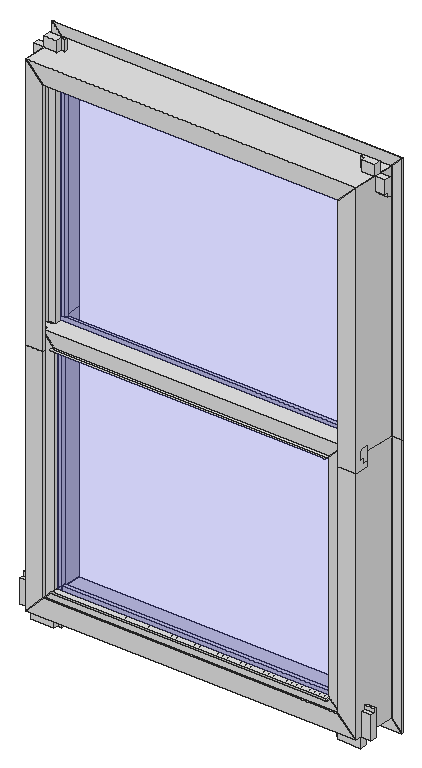
Revit family "591_SH_1-DBS_nailfin", category Windows, host Wall, Revit 2019
Family settings
  Host = Wall
  OmniClass Number = 23.30.20.00
  OmniClass Title = Windows
  Always vertical = Yes
  Cut with Voids When Loaded = No
  Shared = No
  Room Calculation Point = No
Parameters (values of type "36x54")
  MLW = 1 / 8 * Width  # 4 1/2"
  Interior Color [instance] = White
  Height = 54"
  Exterior Color [instance] = White
  Default Sill Height = 31.49606"
  Wall Closure = By host
  Width = 36"
  Bar Set = 27"
Types (51): name | MLW | Height | Width | Bar Set
  (no name) | 4 1/2" | 54" | 36" | 27"
  24x48 | 3" | 48" | 24" | 24"
  36x60 | 4 1/2" | 60" | 36" | 30"
  12x24Min | 1 1/2" | 24" | 12" | 12"
  48x84Max | 6" | 84" | 48" | 36"
  12x30 | 1 1/2" | 30" | 12" | 15"
  12x36 | 1 1/2" | 36" | 12" | 18"
  12x42 | 1 1/2" | 42" | 12" | 21"
  18x24 | 2 1/4" | 24" | 18" | 12"
  18x30 | 2 1/4" | 30" | 18" | 15"
  18x36 | 2 1/4" | 36" | 18" | 18"
  18x42 | 2 1/4" | 42" | 18" | 21"
  18x48 | 2 1/4" | 48" | 18" | 24"
  18x54 | 2 1/4" | 54" | 18" | 27"
  24x30 | 3" | 30" | 24" | 15"
  24x36 | 3" | 36" | 24" | 18"
  24x42 | 3" | 42" | 24" | 21"
  24x54 | 3" | 54" | 24" | 27"
  24x60 | 3" | 60" | 24" | 30"
  24x66 | 3" | 66" | 24" | 33"
  30x30 | 3 3/4" | 30" | 30" | 15"
  30x36 | 3 3/4" | 36" | 30" | 18"
  30x42 | 3 3/4" | 42" | 30" | 21"
  30x48 | 3 3/4" | 48" | 30" | 24"
  30x54 | 3 3/4" | 54" | 30" | 27"
  30x60 | 3 3/4" | 60" | 30" | 30"
  30x66 | 3 3/4" | 66" | 30" | 33"
  30x72 | 3 3/4" | 72" | 30" | 36"
  36x36 | 4 1/2" | 36" | 36" | 18"
  36x42 | 4 1/2" | 42" | 36" | 21"
  36x48 | 4 1/2" | 48" | 36" | 24"
  36x54 | 4 1/2" | 54" | 36" | 27"
  36x66 | 4 1/2" | 66" | 36" | 33"
  36x72 | 4 1/2" | 72" | 36" | 36"
  36x78 | 4 1/2" | 78" | 36" | 36"
  42x36 | 5 1/4" | 36" | 42" | 18"
  42x42 | 5 1/4" | 42" | 42" | 21"
  42x48 | 5 1/4" | 48" | 42" | 24"
  42x54 | 5 1/4" | 54" | 42" | 27"
  42x60 | 5 1/4" | 60" | 42" | 30"
  42x66 | 5 1/4" | 66" | 42" | 33"
  42x72 | 5 1/4" | 72" | 42" | 36"
  42x78 | 5 1/4" | 78" | 42" | 36"
  42x84 | 5 1/4" | 84" | 42" | 36"
  48x42 | 6" | 42" | 48" | 21"
  48x48 | 6" | 48" | 48" | 24"
  48x54 | 6" | 54" | 48" | 27"
  48x60 | 6" | 60" | 48" | 30"
  48x66 | 6" | 66" | 48" | 33"
  48x72 | 6" | 72" | 48" | 36"
  48x78 | 6" | 78" | 48" | 36"
Reference planes (in)
  plane 1 "Center (Front/Back)": y = 0
  plane 2 "Center (Left/Right)": x = 0
  plane 3 "Left": x = -18
  plane 4 "Right": x = 18
  plane 5 "Sill": z = 31.49606
  plane 6 "Head": z = 85.49606
  plane 7 "Exterior": y = 3.93701
  plane 8 "Interior": y = -3.93701
  plane 9 "Front of wall": y = 3.93701
  plane 10 "Bar Set": z = 58.49606
  plane 11: z = 34.01956
  plane 12: z = 58.54806
  plane 13: z = 84.09581
  plane 14: x = -15.475
  plane 15: x = 15.475
  plane 16: x = 16.59975
  plane 17: x = -16.59975
  plane 18 "Front of glass": y = 4.93351
  plane 19: z = 59.2203
Forms (in)
  Extrusion 1, solid, material "White" <- "Interior Color"
    sketch origin (0, 0, 0) x (0, -1, 0) y (0, 0, 1)
      loop
        line (-3.93701, 31.49606) -> (0.98299, 31.49606) -> (0.98299, 33.39606) -> (0.78299, 33.39606) -> (0.78299, 34.45056) -> (1.15844, 34.45056)
        arc (1.15844, 34.45056) -> (1.26726, 34.41661) -> (1.22049, 34.52056) r 0.0625
        line (1.22049, 34.52056) -> (0.54049, 34.52056) -> (0.54049, 34.02056) -> (-0.20351, 34.02056) -> (-0.20351, 34.45856) -> (-0.61701, 34.45856) -> (-0.61701, 33.39606) -> (-1.30701, 33.39606) -> (-1.30701, 32.64606) -> (-1.76701, 32.64606) -> (-1.76701, 32.77106) -> (-2.50201, 32.77106) -> (-5.01701, 32.50653) -> (-5.01701, 31.49606) -> (-4.01701, 31.49606) -> (-4.01701, 30.37106) -> (-3.93701, 30.37106) -> (-3.93701, 31.49606)
    from -19.125 to 19.125
  Extrusion 2, solid, material "White" <- "Interior Color"
    sketch origin (0, 0, 0) x (0, -1, 0) y (0, 0, 1)
      loop
        line (-1.32951, 59.54881) -> (-1.32951, 59.04731) -> (-2.07351, 59.04731) -> (-2.07351, 59.48631) -> (-2.47691, 59.48631) -> (-2.47691, 58.95404) -> (-2.48701, 58.92306) -> (-2.48701, 57.92306) -> (-1.86701, 57.92306) -> (-1.86701, 57.50806) -> (-1.76701, 57.50806) -> (-1.76701, 57.92306) -> (-1.26701, 57.92306) -> (-1.26701, 57.50806) -> (-1.16701, 57.50806) -> (-1.16701, 57.92306) -> (-0.71701, 57.92306) -> (-0.71701, 58.11006) -> (-0.20351, 58.11006) -> (-0.20351, 58.54806) -> (0.54049, 58.54806) -> (0.54049, 58.04821) -> (1.22052, 58.04821)
        arc (1.22052, 58.04821) -> (1.26755, 58.15224) -> (1.15839, 58.11881) r 0.06264
        line (1.15839, 58.11881) -> (0.78299, 58.11881) -> (0.78299, 59.54881) -> (-1.32951, 59.54881)
    from -18 to 18
  Extrusion 3, solid, material "White" <- "Interior Color"
    sketch origin (0, 0, 0) x (0, -1, 0) y (0, 0, 1)
      loop
        line (-3.93701, 85.49606) -> (-3.93701, 86.62106) -> (-4.01701, 86.62106) -> (-4.01701, 85.49606) -> (-5.01701, 85.49606) -> (-5.01701, 84.4856) -> (-2.47691, 84.21862) -> (-2.47691, 83.65831) -> (-2.07351, 83.65831) -> (-2.07351, 84.09631) -> (-1.32951, 84.09631) -> (-1.32951, 83.59606) -> (-0.71701, 83.59606) -> (-0.71701, 84.47106) -> (0.78299, 84.47106) -> (0.78299, 83.59606) -> (0.98299, 83.59606) -> (0.98299, 85.49606) -> (-3.93701, 85.49606)
    from -19.125 to 19.125
  Extrusion 4, solid, material "White" <- "Interior Color"
    sketch origin (0, 0, 31.49606) x (0, -1, 0) y (1, 0, 0)
      loop
        line (-3.93701, -18) -> (0.98299, -18) -> (0.98299, -16.1) -> (0.78299, -16.1) -> (0.78299, -14.975) -> (0.54049, -14.975) -> (0.54049, -15.475) -> (-0.20351, -15.475) -> (-0.20351, -15.037) -> (-0.61701, -15.037) -> (-0.61701, -16.1) -> (-1.30701, -16.1) -> (-1.30701, -16.84828) -> (-1.76701, -16.84828) -> (-1.76701, -16.725) -> (-2.50013, -16.725) -> (-5.01701, -16.98953) -> (-5.01701, -18) -> (-4.01701, -18) -> (-4.01701, -19.125) -> (-3.93701, -19.125) -> (-3.93701, -18)
    from -1.125 to 27.72424
  Extrusion 5, solid, material "White" <- "Interior Color"
    sketch origin (0, 0, 31.49606) x (0, -1, 0) y (1, 0, 0)
      loop
        line (-3.93701, 18) -> (-3.93701, 19.125) -> (-4.01701, 19.125) -> (-4.01701, 18) -> (-5.01701, 18) -> (-5.01701, 16.98953) -> (-2.50013, 16.725) -> (-1.76701, 16.725) -> (-1.76701, 16.84828) -> (-1.30701, 16.84828) -> (-1.30701, 16.1) -> (-0.61701, 16.1) -> (-0.61701, 15.037) -> (-0.20351, 15.037) -> (-0.20351, 15.475) -> (0.54049, 15.475) -> (0.54049, 14.975) -> (0.78299, 14.975) -> (0.78299, 16.1) -> (0.98299, 16.1) -> (0.98299, 18) -> (-3.93701, 18)
    from -1.125 to 27.72424
  Extrusion 6, solid, material "White" <- "Interior Color"
    sketch origin (0, 0, 58.49606) x (1, 0, 0) y (0, 1, 0)
      loop
        line (18, 3.93701) -> (19.125, 3.93701) -> (19.125, 4.01701) -> (18, 4.01701) -> (18, 5.01701) -> (16.98953, 5.01701) -> (16.72256, 2.47691) -> (16.16225, 2.47691) -> (16.16225, 2.07351) -> (16.60025, 2.07351) -> (16.60025, 1.32951) -> (16.1, 1.32951) -> (16.1, 0.71701) -> (16.975, 0.71701) -> (16.975, -0.78299) -> (16.1, -0.78299) -> (16.1, -0.98299) -> (18, -0.98299) -> (18, 3.93701)
    from -0.988 to 28.125
  Sweep 7, void
    path in 3D
      loop
        line (15.72325, 7.92866, 85.49606) -> (15.72325, 2.38857, 85.49606)
    profile origin (15.72325, 5.15862, 85.49606) x (1, 0, 0) y (0, 0, 1)
      loop
        line (3.90911, 1.63236) -> (1.00175, -1.275) -> (1.00175, -2.61386) -> (3.90911, -2.61386) -> (3.90911, 1.63236)
  Sweep 8, void
    path in 3D
      loop
        line (15.72325, 7.92866, 85.49606) -> (15.72325, 2.38857, 85.49606)
    profile origin (15.72325, 5.15862, 85.49606) x (1, 0, 0) y (0, 0, 1)
      loop
        line (-0.99825, 1.95558) -> (-0.99825, -1.83775) -> (0.99931, -1.83775) -> (0.99931, -1.27744) -> (4.23234, 1.95558) -> (-0.99825, 1.95558)
  Sweep 9, void
    path in 3D
      loop
        line (-14.67104, 7.27573, 85.49606) -> (-14.67104, 2.27573, 85.49606)
    profile origin (-14.67104, 4.77573, 85.49606) x (1, 0, 0) y (0, 0, 1)
      loop
        line (-5.25, 1.92104) -> (-5.25, -2.025) -> (-2.05396, -2.025) -> (-2.05396, -1.275) -> (-5.25, 1.92104)
  Sweep 10, void
    path in 3D
      loop
        line (-14.67104, 7.27573, 85.49606) -> (-14.67104, 2.27573, 85.49606)
    profile origin (-14.67104, 4.77573, 85.49606) x (1, 0, 0) y (0, 0, 1)
      loop
        line (-5.25, 1.92104) -> (-2.05152, -1.27744) -> (-2.05152, -1.83775) -> (-1.05396, -1.83775) -> (-1.05396, 1.92104) -> (-5.25, 1.92104)
  Sweep 11, void
    path in 3D
      loop
        line (-13.69408, 7.1493, 58.49606) -> (-13.69408, 0.43209, 58.49606)
    profile origin (-13.69408, 3.7907, 58.49606) x (1, 0, 0) y (0, 0, 1)
      loop
        line (-2.46767, 0.99025) -> (-2.46767, 1.41927) -> (-6.03092, 1.41927) -> (-6.03092, -1.20541) -> (-3.03092, -1.20541) -> (-3.03092, 0.99025) -> (-2.46767, 0.99025)
  Sweep 12, void
    path in 3D
      loop
        line (-13.69408, 7.1493, 58.49606) -> (-13.69408, 0.43209, 58.49606)
    profile origin (-13.69408, 3.7907, 58.49606) x (1, 0, 0) y (0, 0, 1)
      loop
        line (-0.77848, 0.99025) -> (-3.02848, 0.99025) -> (-3.02848, 0.55125) -> (-6.28092, 0.55125) -> (-6.28092, -2.07275) -> (-0.77848, -2.07275) -> (-0.77848, 0.99025)
  Sweep 13, void
    path in 3D
      loop
        line (16.22528, 10.4895, 58.49606) -> (16.22528, 0.60821, 58.49606)
    profile origin (16.22528, 5.54885, 58.49606) x (1, 0, 0) y (0, 0, 1)
      loop
        line (-0.06353, 1.66328) -> (-0.06353, 0.99025) -> (0.49972, 0.99025) -> (0.49972, -1.25473) -> (3.13381, -1.25473) -> (3.13381, 1.66328) -> (-0.06353, 1.66328)
  Sweep 14, void
    path in 3D
      loop
        line (16.22528, 10.4895, 58.49606) -> (16.22528, 0.60821, 58.49606)
    profile origin (16.22528, 5.54885, 58.49606) x (1, 0, 0) y (0, 0, 1)
      loop
        line (-1.75272, 0.99025) -> (-1.75272, -2.44875) -> (3.12332, -2.44875) -> (3.12332, 0.55125) -> (0.49728, 0.55125) -> (0.49728, 0.99025) -> (-1.75272, 0.99025)
  Sweep 15, void
    path in 3D
      loop
        line (15.97528, 7.9895, 31.49606) -> (15.97528, 0.41559, 31.49606)
    profile origin (15.97528, 4.20254, 31.49606) x (1, 0, 0) y (0, 0, 1)
      loop
        line (-1.08841, 3.11263) -> (3.66159, -1.63737) -> (3.66159, 3.11263) -> (-1.08841, 3.11263)
  Sweep 16, void
    path in 3D
      loop
        line (15.97528, 7.9895, 31.49606) -> (15.97528, 0.41559, 31.49606)
    profile origin (15.97528, 4.20254, 31.49606) x (1, 0, 0) y (0, 0, 1)
      loop
        line (3.6656, -1.64088) -> (-1.3344, 3.35912) -> (-1.3344, -1.64088) -> (3.6656, -1.64088)
  Sweep 17, void
    path in 3D
      loop
        line (-14.17104, 7.27573, 31.49606) -> (-14.17104, 0.43209, 31.49606)
    profile origin (-14.17104, 3.85391, 31.49606) x (1, 0, 0) y (0, 0, 1)
      loop
        line (-5.98731, -2.15835) -> (0.26269, -2.15835) -> (0.26269, 4.09165) -> (-5.98731, -2.15835)
  Sweep 18, void
    path in 3D
      loop
        line (-14.17104, 7.27573, 31.49606) -> (-14.17104, 0.43209, 31.49606)
    profile origin (-14.17104, 3.85391, 31.49606) x (1, 0, 0) y (0, 0, 1)
      loop
        line (-5.5, -1.67104) -> (0, 3.82896) -> (-5.5, 3.82896) -> (-5.5, -1.67104)
  Extrusion 19, void
    sketch origin (0, 3.93701, 0) x (1, 0, 0) y (0, 0, 1)
      loop
        line (-15.07462, 82.57069) -> (-19.49016, 86.98622) -> (-19.49016, 82.57069) -> (-15.07462, 82.57069)
    from 2.39987 to 12
  Extrusion 20, void
    sketch origin (0, 3.93701, 0) x (1, 0, 0) y (0, 0, 1)
      loop
        line (-20, 87.49606) -> (-15.07122, 82.56728) -> (-15.07122, 87.49606) -> (-20, 87.49606)
    from 2.39987 to 12
  Extrusion 21, void
    sketch origin (0, 3.93701, 0) x (1, 0, 0) y (0, 0, 1)
      loop
        line (15.8981, 83.39416) -> (20.25, 87.74606) -> (15.8981, 87.74606) -> (15.8981, 83.39416)
    from 2.34703 to 12
  Extrusion 22, void
    sketch origin (0, 3.93701, 0) x (1, 0, 0) y (0, 0, 1)
      loop
        line (20.25984, 87.75591) -> (15.52513, 83.02119) -> (20.25984, 83.02119) -> (20.25984, 87.75591)
    from 2.34703 to 12
  Extrusion 23, void
    sketch origin (0, 3.93701, 0) x (1, 0, 0) y (0, 0, 1)
      loop
        line (-14.975, 58.04806) -> (-14.23692, 58.04806) -> (-14.23692, 60.38306) -> (-18.24833, 60.38306) -> (-18.24833, 57.50806) -> (-16.09975, 57.50806) -> (-16.09975, 59.17281) -> (-14.975, 58.04806)
    from 4.09917 to 12
  Extrusion 24, void
    sketch origin (0, 3.93701, 0) x (1, 0, 0) y (0, 0, 1)
      loop
        line (-14.975, 57.41533) -> (-14.975, 58.04806) -> (-16.1, 59.17306) -> (-16.1, 59.91533) -> (-19.725, 59.91533) -> (-19.725, 57.41533) -> (-14.975, 57.41533)
    from 4.25036 to 12
  Extrusion 25, void
    sketch origin (0, 3.93701, 0) x (1, 0, 0) y (0, 0, 1)
      loop
        line (14.73831, 57.81137) -> (16.1, 59.17306) -> (16.1, 57.50806) -> (18.21329, 57.50806) -> (18.21329, 59.99606) -> (14.73831, 59.99606) -> (14.73831, 57.81137)
    from 4.07736 to 12
  Extrusion 26, void
    sketch origin (0, 3.93701, 0) x (1, 0, 0) y (0, 0, 1)
      loop
        line (14.975, 58.04806) -> (14.975, 57.10217) -> (19.77957, 57.10217) -> (19.77957, 60.35217) -> (16.1, 60.35217) -> (16.1, 59.17306) -> (14.975, 58.04806)
    from 4.21637 to 12
  Extrusion 27, void
    sketch origin (0, 3.93701, 0) x (1, 0, 0) y (0, 0, 1)
      loop
        line (-20, 29.49606) -> (-14.01805, 35.47801) -> (-20, 35.47801) -> (-20, 29.49606)
    from 4.25036 to 12
  Extrusion 28, void
    sketch origin (0, 3.93701, 0) x (1, 0, 0) y (0, 0, 1)
      loop
        line (-20, 29.49606) -> (-14.17104, 29.49606) -> (-14.17104, 35.32503) -> (-20, 29.49606)
    from 4.25036 to 12
  Extrusion 29, void
    sketch origin (0, 3.93701, 0) x (1, 0, 0) y (0, 0, 1)
      loop
        line (20.25, 29.24606) -> (20.25, 35.20837) -> (14.28769, 35.20837) -> (20.25, 29.24606)
    from 4.21637 to 12
  Extrusion 30, void
    sketch origin (0, 3.93701, 0) x (1, 0, 0) y (0, 0, 1)
      loop
        line (20.7495, 28.74606) -> (14.46397, 35.0316) -> (14.46397, 28.74606) -> (20.7495, 28.74606)
    from 4.21637 to 12
  Extrusion 31, solid, material "White" <- "Interior Color"
    sketch origin (0, 0, 58.49606) x (1, 0, 0) y (0, 1, 0)
      loop
        line (-18, 3.93701) -> (-18, -0.98299) -> (-16.1, -0.98299) -> (-16.1, -0.78299) -> (-16.975, -0.78299) -> (-16.975, 0.71701) -> (-16.1, 0.71701) -> (-16.1, 1.32951) -> (-16.60025, 1.32951) -> (-16.60025, 2.07351) -> (-16.16225, 2.07351) -> (-16.16225, 2.47691) -> (-16.72256, 2.47691) -> (-16.98953, 5.01701) -> (-18, 5.01701) -> (-18, 4.01701) -> (-19.125, 4.01701) -> (-19.125, 3.93701) -> (-18, 3.93701)
    from -0.988 to 28.125
  Extrusion 32, solid, material "Glass"
    sketch origin (0, 0, 0) x (0, -1, 0) y (0, 0, 1)
      loop
        line (-0.20351, 34.01956) -> (0.54049, 34.01956) -> (0.54049, 58.54806) -> (-0.20351, 58.54806) -> (-0.20351, 34.01956)
    from -15.475 to 15.475
  Extrusion 33, solid, material "Glass"
    sketch origin (0, 0, 0) x (0, -1, 0) y (0, 0, 1)
      loop
        line (-2.07351, 59.04731) -> (-1.32951, 59.04731) -> (-1.32951, 84.09581) -> (-2.07351, 84.09581) -> (-2.07351, 59.04731)
    from -16.59975 to 16.59975
  Extrusion 34, void
    sketch origin (0, 4.93351, 0) x (-1, 0, 0) y (0, 0, 1)
      loop
        line (14.04586, 60.57656) -> (14.04586, 59.04731) -> (20.29586, 59.04731) -> (20.29586, 60.57656) -> (14.04586, 60.57656)
    from -3.6265 to 12
  Extrusion 35, void
    sketch origin (0, 4.93351, 0) x (-1, 0, 0) y (0, 0, 1)
      loop
        line (-20.85445, 59.04731) -> (-14.35445, 59.04731) -> (-14.35445, 61.29731) -> (-20.85445, 61.29731) -> (-20.85445, 59.04731)
    from -2.614 to 8.05006
Cuts and joins
  Sweep 7, Sweep 9, Extrusion 19, Extrusion 22 cuts Extrusion 3
  Sweep 8, Sweep 14, Extrusion 21 cuts Extrusion 6
  Sweep 11, Sweep 13, Extrusion 24, Extrusion 26 cuts Extrusion 2
  Sweep 15, Sweep 18, Extrusion 27, Extrusion 29 cuts Extrusion 1
  Sweep 16, Extrusion 25, Extrusion 30, Extrusion 35 cuts Extrusion 5
  Sweep 17, Extrusion 23, Extrusion 28, Extrusion 34 cuts Extrusion 4
  Sweep 10, Sweep 12, Extrusion 20 cuts Extrusion 31
Lines and regions (in)
  Opening 1
    outline origin (137.79528, -3.93701, 0) x (1, 0, 0) y (0, 0, 1)
      loop
        line (-119.79528, 31.49606) -> (-119.79528, 85.49606) -> (-155.79528, 85.49606) -> (-155.79528, 31.49606) -> (-119.79528, 31.49606)
  reference lines
    curve 1: line (-14.67104, 7.27573, 85.49606) -> (-14.67104, 2.27573, 85.49606)
    curve 2: line (-14.17104, 7.27573, 31.49606) -> (-14.17104, 0.43209, 31.49606)
    curve 3: line (-13.69408, 7.1493, 58.49606) -> (-13.69408, 0.43209, 58.49606)
    curve 4: line (15.97528, 7.9895, 31.49606) -> (15.97528, 0.41559, 31.49606)
    curve 5: line (16.22528, 10.4895, 58.49606) -> (16.22528, 0.60821, 58.49606)
    curve 6: line (15.72325, 7.92866, 85.49606) -> (15.72325, 2.38857, 85.49606)
    curve 22: line (2.5, 4.93351, 74.49606) -> (-2.5, 4.93351, 74.49606)
    curve 23: line (2.5, 4.93351, 69.49606) -> (2.5, 4.93351, 74.49606)
    curve 24: line (-2.5, 4.93351, 69.49606) -> (2.5, 4.93351, 69.49606)
    curve 25: line (-2.5, 4.93351, 74.49606) -> (-2.5, 4.93351, 69.49606)
    curve 29: line (0, 4.93351, 69.49606) -> (0, 4.93351, 75.99606)
    curve 30: line (2.5, 4.93351, 71.99606) -> (2.04973, 4.93351, 71.99606)
    curve 34: line (2.5, 0, 74.49606) -> (-2.5, 0, 74.49606)
    curve 35: line (2.5, 0, 69.49606) -> (2.5, 0, 74.49606)
    curve 36: line (-2.5, 0, 69.49606) -> (2.5, 0, 69.49606)
    curve 37: line (-2.5, 0, 74.49606) -> (-2.5, 0, 69.49606)
    curve 38: line (0, 0, 69.49606) -> (0, 0, 76.99606)
    curve 39: line (2.5, 0, 71.99606) -> (-4.5, 0, 71.99606)
  sketch lines
    curve 7: line (15.72325, 7.92866, 85.49606) -> (15.72325, 2.38857, 85.49606)
    curve 8: line (15.72325, 7.92866, 85.49606) -> (15.72325, 2.38857, 85.49606)
    curve 9: line (-14.67104, 7.27573, 85.49606) -> (-14.67104, 2.27573, 85.49606)
    curve 10: line (-14.67104, 7.27573, 85.49606) -> (-14.67104, 2.27573, 85.49606)
    curve 11: line (-13.69408, 7.1493, 58.49606) -> (-13.69408, 0.43209, 58.49606)
    curve 12: line (-13.69408, 7.1493, 58.49606) -> (-13.69408, 0.43209, 58.49606)
    curve 13: line (16.22528, 10.4895, 58.49606) -> (16.22528, 0.60821, 58.49606)
    curve 14: line (16.22528, 10.4895, 58.49606) -> (16.22528, 0.60821, 58.49606)
    curve 15: line (15.97528, 7.9895, 31.49606) -> (15.97528, 0.41559, 31.49606)
    curve 16: line (15.97528, 7.9895, 31.49606) -> (15.97528, 0.41559, 31.49606)
    curve 17: line (-14.17104, 7.27573, 31.49606) -> (-14.17104, 0.43209, 31.49606)
    curve 18: line (-14.17104, 7.27573, 31.49606) -> (-14.17104, 0.43209, 31.49606)
  model lines
    curve 19: line (0, 3.93701, 34.7816) -> (0, 3.93701, 56.5316)
    curve 20: line (0, 3.93701, 56.5316) -> (3.18198, 3.93701, 53.34962)
    curve 21: line (0, 3.93701, 56.5316) -> (-3.18198, 3.93701, 53.34962)
    curve 26: line (2.5, 4.93351, 74.49606) -> (-2.5, 4.93351, 69.49606)
    curve 27: line (-2.5, 4.93351, 71.99606) -> (0, 4.93351, 74.49606)
    curve 28: line (0, 4.93351, 69.49606) -> (2.5, 4.93351, 71.99606)
  symbolic lines
    curve 31: line (0, 3.93701, 56.5316) -> (3.18198, 3.93701, 53.34962)
    curve 32: line (0, 3.93701, 56.5316) -> (-3.18198, 3.93701, 53.34962)
    curve 33: line (0, 3.93701, 56.5316) -> (0, 3.93701, 34.7816)
    curve 40: line (0, 0, 69.49606) -> (2.5, 0, 71.99606)
    curve 41: line (0, 0, 74.49606) -> (-2.5, 0, 71.99606)
    curve 42: line (-2.5, 0, 69.49606) -> (2.5, 0, 74.49606)
Text (in)
  text "EXTERIOR" at (-77.29147, 52.45485, 0), in view "Ref. Level"
  text "INTERIOR" at (-78.01048, -32.21994, 0), in view "Ref. Level"
  text "Exterior" at (0, 36.36817, 115.8778), in view "Right"
  text "Exterior" at (0, 40.96394, 105.72475), in view "Left"
Dimensions and locks (in)
  equal spacing: plane 3 "Left", plane 2 "Center (Left/Right)", plane 4 "Right"
  "Width": plane 3 "Left" to plane 4 "Right"
  "Height": plane 5 "Sill" to plane 6 "Head"
  "Default Sill Height": plane 5 "Sill" to level
  locked: plane 7 "Exterior" to host wall at 0
  locked: plane 8 "Interior" to host wall
  locked: plane 5 "Sill" to plane 11 at 2.5235
  locked: plane 12 to plane 10 "Bar Set" at 0.052
  locked: Extrusion 2 sketch curve to Extrusion 2 sketch curve at 1.43
  locked: plane 13 to plane 6 "Head" at 1.40025
  locked: plane 3 "Left" to plane 14 at 2.525
  locked: plane 15 to plane 4 "Right" at 2.525
  Extrusion 5 to plane 10 "Bar Set" = 0.72424"
  locked: plane 16 to plane 4 "Right" at 1.40025
  locked: plane 3 "Left" to plane 17 at 1.40025
  locked: plane 5 "Sill" to curve 19 at 3.28553
  locked: curve 21 to plane 10 "Bar Set" at 1.96447
  locked: plane 18 "Front of glass" to plane 9 "Front of wall" at 0.9965
  "MLW": curve 21 to curve 21
  "MLW": curve 20 to curve 21
  equal spacing: curve 27, curve 26, curve 28
  locked: curve 23 to curve 25 at 5
  locked: curve 24 to curve 22 at 5
  equal spacing: curve 25, curve 29, curve 23
  equal spacing: curve 24, curve 30, curve 22
  equal spacing: plane 10 "Bar Set", curve 30, plane 6 "Head"
  equal spacing: plane 3 "Left", curve 29, plane 4 "Right"
  locked: curve 35 to curve 37 at 5
  locked: curve 36 to curve 34 at 5
  equal spacing: curve 37, curve 38, curve 35
  equal spacing: curve 36, curve 39, curve 34
  locked: curve 37 to curve 41 at 2.5
  locked: curve 37 to curve 40 at 2.5
  locked: curve 40 to curve 36 at 2.5
  locked: curve 41 to curve 36 at 2.5
  locked: curve 35 to curve 42 at 5
  equal spacing: plane 6 "Head", curve 39, plane 10 "Bar Set"
  equal spacing: plane 3 "Left", curve 38, plane 4 "Right"
  "Bar Set": plane 5 "Sill" to plane 10 "Bar Set"
  locked: Extrusion 3 sketch curve to plane 6 "Head" at 1.9  (x2)
  locked: Extrusion 3 sketch curve to plane 6 "Head" at 1.39975
  locked: Extrusion 3 sketch curve to plane 6 "Head" at 1.83775
  locked: plane 18 "Front of glass" to Extrusion 3 sketch curve at 5.9165
  locked: plane 18 "Front of glass" to Extrusion 3 sketch curve at 5.7165
  locked: plane 18 "Front of glass" to Extrusion 3 sketch curve at 4.2165
  locked: plane 18 "Front of glass" to Extrusion 1 sketch curve at 5.9165
  locked: plane 18 "Front of glass" to Extrusion 1 sketch curve at 5.7165
  locked: plane 18 "Front of glass" to Extrusion 1 sketch curve at 5.474
  locked: plane 5 "Sill" to Extrusion 1 sketch curve at 3.0245
  locked: plane 5 "Sill" to Extrusion 1 sketch curve at 2.9625
  locked: plane 5 "Sill" to Extrusion 1 sketch curve at 1.9  (x2)
  locked: plane 3 "Left" to Extrusion 4 sketch curve at 2.963
  locked: plane 3 "Left" to Extrusion 4 sketch curve at 3.025
  locked: plane 3 "Left" to Extrusion 4 sketch curve at 1.9
  locked: plane 18 "Front of glass" to Extrusion 4 sketch curve at 5.9165
  locked: plane 18 "Front of glass" to Extrusion 4 sketch curve at 5.7165
  locked: plane 18 "Front of glass" to Extrusion 4 sketch curve at 5.474
  locked: Extrusion 6 sketch curve to plane 4 "Right" at 1.9  (x2)
  locked: Extrusion 6 sketch curve to plane 4 "Right" at 1.83775
  locked: plane 18 "Front of glass" to Extrusion 6 sketch curve at 5.9165
  locked: plane 18 "Front of glass" to Extrusion 6 sketch curve at 4.2165
  locked: plane 18 "Front of glass" to Extrusion 6 sketch curve at 5.7165
  locked: plane 3 "Left" to Extrusion 31 sketch curve at 1.9  (x2)
  locked: plane 3 "Left" to Extrusion 31 sketch curve at 1.025
  locked: plane 3 "Left" to Extrusion 31 sketch curve at 1.83775
  locked: Extrusion 31 sketch curve to plane 9 "Front of wall" at 4.92
  locked: Extrusion 31 sketch curve to plane 9 "Front of wall" at 3.22
  locked: plane 18 "Front of glass" to Extrusion 33 sketch curve at 2.86
  locked: plane 18 "Front of glass" to Extrusion 33 sketch curve at 3.604
  locked: plane 18 "Front of glass" to Extrusion 32 sketch curve at 4.73
  locked: plane 18 "Front of glass" to Extrusion 32 sketch curve at 5.474
  locked: plane 18 "Front of glass" to Extrusion 2 sketch curve at 5.7165
  locked: plane 18 "Front of glass" to Extrusion 2 sketch curve at 5.474
  locked: plane 18 "Front of glass" to Extrusion 2 sketch curve at 3.604
  locked: curve 2 to plane 9 "Front of wall" at 3.50492
  locked: curve 4 to plane 9 "Front of wall" at 3.52142
  locked: plane 18 "Front of glass" to curve 3 at 4.50142
  locked: plane 18 "Front of glass" to Sweep 13 at 4.3253
  locked: plane 18 "Front of glass" to curve 6 at 2.54493
  locked: plane 18 "Front of glass" to curve 1 at 2.65778
  locked: plane 6 "Head" to cut or joined group of Sweep 10, Sweep 12, Extrusion 20, Extrusion 31 at 1.125
  locked: plane 6 "Head" to cut or joined group of Extrusion 6, Sweep 8, Sweep 14, Extrusion 21 at 1.125
  locked: cut or joined group of Extrusion 3, Sweep 7, Sweep 9, Extrusion 19, Extrusion 22 to plane 4 "Right" at 1.125
  locked: cut or joined group of Extrusion 3, Sweep 7, Sweep 9, Extrusion 19, Extrusion 22 to plane 3 "Left" at 1.125
  locked: cut or joined group of Extrusion 1, Sweep 15, Sweep 18, Extrusion 27, Extrusion 29 to plane 4 "Right" at 1.125
  locked: cut or joined group of Extrusion 1, Sweep 15, Sweep 18, Extrusion 27, Extrusion 29 to plane 3 "Left" at 1.125
  locked: plane 18 "Front of glass" to Extrusion 4 sketch curve at 4.3165
  locked: plane 18 "Front of glass" to Extrusion 4 sketch curve at 3.6265
  locked: plane 18 "Front of glass" to Extrusion 4 sketch curve at 4.73
  locked: plane 18 "Front of glass" to Extrusion 5 sketch curve at 5.9165
  locked: plane 18 "Front of glass" to Extrusion 5 sketch curve at 5.7165
  locked: plane 18 "Front of glass" to Extrusion 5 sketch curve at 5.474
  locked: plane 18 "Front of glass" to Extrusion 5 sketch curve at 4.73
  locked: plane 18 "Front of glass" to Extrusion 5 sketch curve at 4.3165
  locked: plane 18 "Front of glass" to Extrusion 5 sketch curve at 3.6265
  locked: plane 18 "Front of glass" to Extrusion 2 sketch curve at 6.09189
  locked: plane 18 "Front of glass" to Extrusion 2 sketch curve at 6.15403
  locked: plane 18 "Front of glass" to Extrusion 2 sketch curve at 4.73
  locked: plane 18 "Front of glass" to Extrusion 2 sketch curve at 4.2165
  locked: plane 18 "Front of glass" to Extrusion 30 at 5.21287
  locked: plane 18 "Front of glass" to Extrusion 28 at 5.24686
  locked: plane 18 "Front of glass" to Extrusion 26 at 5.21287
  locked: plane 18 "Front of glass" to Extrusion 24 at 5.24686
  locked: curve 2 to plane 18 "Front of glass" at 2.34222
  locked: curve 4 to plane 18 "Front of glass" at 3.05599
  locked: curve 3 to plane 18 "Front of glass" at 2.21579
  locked: curve 5 to plane 18 "Front of glass" at 5.55599
  locked: plane 18 "Front of glass" to Extrusion 25 at 5.07386
  locked: plane 18 "Front of glass" to Extrusion 23 at 5.09567
  locked: plane 19 to plane 10 "Bar Set" at 0.72424
  locked: Extrusion 25 sketch curve to plane 10 "Bar Set" at 1.5
  locked: plane 10 "Bar Set" to Extrusion 25 sketch curve at 0.988
  locked: plane 10 "Bar Set" to Extrusion 2 sketch curve at 0.37725
  locked: Extrusion 2 sketch curve to plane 10 "Bar Set" at 1.05275
  locked: plane 10 "Bar Set" to Extrusion 2 sketch curve at 0.988  (x2)
  locked: Extrusion 35 to plane 18 "Front of glass" at 8.05006
  locked: Extrusion 35 to plane 18 "Front of glass" at 2.614
  locked: curve 19 to curve 21 (angle 45.00°)
  locked: curve 20 to curve 19 (angle 45.00°)
  aligned and locked: plane 9 "Front of wall" to host wall
  aligned and locked: plane 12 to Extrusion 2 sketch curve
  aligned and locked: Extrusion 6 to Extrusion 2
  aligned and locked: cut or joined group of Extrusion 2, Sweep 11, Sweep 13, Extrusion 24, Extrusion 26 to Extrusion 31
  aligned and locked: plane 11 to Extrusion 32 sketch curve
  aligned and locked: Extrusion 32 sketch curve to plane 12
  aligned and locked: Extrusion 33 sketch curve to plane 13
  aligned and locked: plane 17 to Extrusion 33
  aligned and locked: Extrusion 33 to plane 16
  aligned and locked: plane 14 to Extrusion 32
  aligned and locked: Extrusion 32 to plane 15
  aligned and locked: curve 22 to curve 25
  aligned and locked: curve 25 to curve 25
  aligned and locked: curve 23 to curve 23
  aligned and locked: curve 25 to curve 26
  aligned and locked: curve 26 to curve 22
  aligned and locked: curve 22 to curve 27
  aligned and locked: curve 25 to curve 27
  aligned and locked: curve 24 to curve 28
  aligned and locked: curve 23 to curve 28
  aligned and locked: curve 34 to curve 37
  aligned and locked: curve 37 to curve 37
  aligned and locked: curve 35 to curve 35
  aligned and locked: curve 37 to curve 41
  aligned and locked: curve 36 to curve 40
  aligned and locked: curve 35 to curve 40
  aligned and locked: curve 34 to curve 41
  aligned and locked: curve 35 to curve 42
  aligned and locked: curve 42 to curve 36
  aligned and locked: plane 6 "Head" to Extrusion 3 sketch curve  (x2)
  aligned and locked: Extrusion 3 sketch curve to plane 9 "Front of wall"
  aligned and locked: plane 5 "Sill" to Extrusion 1 sketch curve  (x2)
  aligned and locked: plane 9 "Front of wall" to Extrusion 1 sketch curve
  aligned and locked: plane 3 "Left" to Extrusion 4 sketch curve  (x2)
  aligned and locked: plane 9 "Front of wall" to Extrusion 4 sketch curve
  aligned and locked: Extrusion 6 sketch curve to plane 9 "Front of wall"
  aligned and locked: plane 4 "Right" to Extrusion 6 sketch curve  (x2)
  aligned and locked: plane 3 "Left" to Extrusion 31 sketch curve  (x2)
  aligned and locked: plane 9 "Front of wall" to Extrusion 31 sketch curve
  aligned and locked: cut or joined group of Extrusion 2, Sweep 11, Sweep 13, Extrusion 24, Extrusion 26 to plane 4 "Right"
  aligned and locked: plane 3 "Left" to cut or joined group of Extrusion 2, Sweep 11, Sweep 13, Extrusion 24, Extrusion 26
  aligned and locked: plane 19 to cut or joined group of Extrusion 5, Sweep 16, Extrusion 25, Extrusion 30, Extrusion 35
  aligned and locked: plane 19 to cut or joined group of Extrusion 4, Sweep 17, Extrusion 23, Extrusion 28, Extrusion 34
Automatic sketch dimensions
  Sweep 11 sketch curve to profile plane = 1.20541"
  profile plane to Sweep 11 sketch curve = 6.03092"
  profile plane to Sweep 11 sketch curve = 0.99025"
  profile plane to Sweep 11 sketch curve = 3.03092"
  Sweep 11 sketch curve to Sweep 11 sketch curve = 0.56325"
  profile plane to Sweep 11 sketch curve = 1.41927"
  Sweep 11 sketch curve to Sweep 11 sketch curve = 0.42902"
  Sweep 13 sketch curve to profile plane = 0.49972"
  Sweep 13 sketch curve to profile plane = 1.25473"
  Sweep 13 sketch curve to Sweep 13 sketch curve = 2.6341"
  profile plane to Sweep 13 sketch curve = 0.99025"
  Sweep 13 sketch curve to Sweep 13 sketch curve = 0"
  profile plane to Sweep 13 sketch curve = 0.06353"
  Sweep 13 sketch curve to Sweep 13 sketch curve = 0.67303"
  Sweep 15 sketch curve to profile plane = 1.63737"
  Sweep 15 sketch curve to profile plane = 3.66159"
  profile plane to Sweep 15 sketch curve = 1.08841"
  profile plane to Sweep 15 sketch curve = 3.11263"
  profile plane to Sweep 16 sketch curve = 1.3344"
  profile plane to Sweep 16 sketch curve = 3.35912"
  Sweep 16 sketch curve to profile plane = 3.6656"
  Sweep 16 sketch curve to profile plane = 1.64088"
  Sweep 17 sketch curve to profile plane = 0.26269"
  profile plane to Sweep 17 sketch curve = 4.09165"
  Sweep 17 sketch curve to profile plane = 2.15835"
  profile plane to Sweep 17 sketch curve = 5.98731"
  profile plane to Sweep 18 sketch curve = 0"
  profile plane to Sweep 18 sketch curve = 3.82896"
  profile plane to Sweep 18 sketch curve = 5 1/2"
  Sweep 18 sketch curve to profile plane = 1.67104"
  curve 28 to curve 26 = 2 1/2"  (x2)
  curve 26 to curve 27 = 2 1/2"
  curve 28 to curve 26 = 0"
  curve 22 to curve 29 = 1 1/2"
  curve 30 to plane 2 "Center (Left/Right)" = 2.04973"
  curve 33 to plane 2 "Center (Left/Right)" = 0"
  curve 34 to curve 38 = 2 1/2"
  curve 39 to curve 34 = 2"
  curve 42 to curve 41 = 0"
  profile plane to Sweep 9 sketch curve = 1.92104"
  profile plane to Sweep 9 sketch curve = 2.05396"
  Sweep 9 sketch curve to profile plane = 1.275"
  Sweep 9 sketch curve to Sweep 9 sketch curve = 3.19604"
  Sweep 9 sketch curve to Sweep 9 sketch curve = 3/4"
  profile plane to Sweep 10 sketch curve = 1.92104"
  profile plane to Sweep 10 sketch curve = 5 1/4"
  profile plane to Sweep 10 sketch curve = 2.05152"
  profile plane to Sweep 10 sketch curve = 1.05396"
  Sweep 10 sketch curve to profile plane = 1.27744"
  Sweep 10 sketch curve to Sweep 10 sketch curve = 0.56031"
  Sweep 7 sketch curve to profile plane = 1.00175"
  profile plane to Sweep 7 sketch curve = 1.63236"
  Sweep 7 sketch curve to profile plane = 1.275"
  Sweep 7 sketch curve to Sweep 7 sketch curve = 2.90736"
  Sweep 7 sketch curve to profile plane = 2.61386"
  plane 18 "Front of glass" to Extrusion 3 sketch curve = 0.0835"
  Extrusion 3 sketch curve to plane 13 = 0.38978"
  Extrusion 3 sketch curve to Extrusion 3 sketch curve = 0.08"
  Extrusion 3 sketch curve to Extrusion 3 sketch curve = 0.40341"
  Extrusion 3 sketch curve to Extrusion 3 sketch curve = 0.744"
  Extrusion 3 sketch curve to Extrusion 3 sketch curve = 0.6125"
  Extrusion 3 sketch curve to Extrusion 3 sketch curve = 0.25244"
  Extrusion 3 sketch curve to Extrusion 3 sketch curve = 0.12231"
  Extrusion 3 sketch curve to Extrusion 3 sketch curve = 1 1/8"
  Extrusion 1 sketch curve to plane 5 "Sill" = 2.9545"
  Extrusion 1 sketch curve to Extrusion 1 sketch curve = 0.06205"
  Extrusion 1 sketch curve to Extrusion 1 sketch curve = 0.17545"
  Extrusion 1 sketch curve to Extrusion 1 sketch curve = 0.744"
  Extrusion 1 sketch curve to Extrusion 1 sketch curve = 0.4135"
  Extrusion 1 sketch curve to Extrusion 1 sketch curve = 0.69"
  Extrusion 1 sketch curve to Extrusion 1 sketch curve = 0.46"
  Extrusion 1 sketch curve to Extrusion 1 sketch curve = 0.735"
  Extrusion 1 sketch curve to plane 5 "Sill" = 1.275"
  Extrusion 1 sketch curve to Extrusion 1 sketch curve = 0.08"
  Extrusion 1 sketch curve to Extrusion 1 sketch curve = 1"
  Extrusion 1 sketch curve to Extrusion 1 sketch curve = 0.6245"
  Extrusion 1 sketch curve to Extrusion 1 sketch curve = 1/8"
  Extrusion 1 sketch curve to Extrusion 1 sketch curve = 1.01047"
  Extrusion 1 sketch curve to Extrusion 1 sketch curve = 1 1/8"
  plane 3 "Left" to Opening 1 sketch curve = 0"
  plane 4 "Right" to Opening 1 sketch curve = 0"
  Opening 1 sketch curve to plane 5 "Sill" = 0"
  Opening 1 sketch curve to plane 6 "Head" = 0"
  Extrusion 6 sketch curve to Extrusion 6 sketch curve = 0.438"
  Extrusion 6 sketch curve to Extrusion 6 sketch curve = 0.12231"
  Extrusion 6 sketch curve to Extrusion 6 sketch curve = 7/8"
  Extrusion 6 sketch curve to Extrusion 6 sketch curve = 0.26697"
  Extrusion 6 sketch curve to Extrusion 6 sketch curve = 1 1/8"
  Extrusion 6 sketch curve to Extrusion 6 sketch curve = 0.6125"
  Extrusion 6 sketch curve to Extrusion 6 sketch curve = 0.744"
  Extrusion 6 sketch curve to Extrusion 6 sketch curve = 0.40341"
  Extrusion 6 sketch curve to Extrusion 6 sketch curve = 0.08"
  Extrusion 6 sketch curve to Extrusion 6 sketch curve = 1"
  Extrusion 2 sketch curve to plane 18 "Front of glass" = 2.86"
  Extrusion 2 sketch curve to plane 18 "Front of glass" = 2.4465"
  Extrusion 2 sketch curve to plane 18 "Front of glass" = 3.0665"
  Extrusion 2 sketch curve to Extrusion 2 sketch curve = 0.1"
  Extrusion 2 sketch curve to host wall = 2.67"
  Extrusion 2 sketch curve to host wall = 2.77"
  Extrusion 2 sketch curve to Extrusion 2 sketch curve = 0.187"
  Extrusion 2 sketch curve to Extrusion 2 sketch curve = 0"  (x2)
  Extrusion 2 sketch curve to Extrusion 2 sketch curve = 0.415"
  Extrusion 2 sketch curve to Extrusion 2 sketch curve = 0.06264"
  Extrusion 2 sketch curve to Extrusion 2 sketch curve = 0.03097"
  host wall to Extrusion 4 sketch curve = 0.08"
  plane 18 "Front of glass" to Extrusion 4 sketch curve = 0.0835"
  plane 17 to Extrusion 4 sketch curve = 0.12525"
  Extrusion 4 sketch curve to Extrusion 4 sketch curve = 0.73312"
  Extrusion 4 sketch curve to Extrusion 4 sketch curve = 0.46"
  plane 14 to Extrusion 4 sketch curve = 0"
  plane 3 "Left" to Extrusion 4 sketch curve = 1 1/8"
  plane 17 to Extrusion 4 sketch curve = 0.38978"
  Extrusion 4 sketch curve to Extrusion 4 sketch curve = 0.12328"
  Extrusion 4 sketch curve to plane 17 = 0.49975"
  Extrusion 5 sketch curve to plane 4 "Right" = 0"  (x2)
  Extrusion 5 sketch curve to host wall = 0"
  host wall to Extrusion 5 sketch curve = 0.08"
  plane 18 "Front of glass" to Extrusion 5 sketch curve = 0.0835"
  Extrusion 5 sketch curve to plane 16 = 0.12525"
  Extrusion 5 sketch curve to Extrusion 5 sketch curve = 0.73312"
  Extrusion 5 sketch curve to Extrusion 5 sketch curve = 0.46"
  Extrusion 5 sketch curve to plane 15 = 0"
  plane 15 to Extrusion 5 sketch curve = 0.438"
  plane 15 to Extrusion 5 sketch curve = 1/2"
  plane 16 to Extrusion 5 sketch curve = 0.49975"  (x2)
  Extrusion 5 sketch curve to Extrusion 5 sketch curve = 0.12328"
  Extrusion 5 sketch curve to plane 16 = 0.38978"
  Extrusion 5 sketch curve to Extrusion 5 sketch curve = 1 1/8"
  plane 3 "Left" to Extrusion 19 sketch curve = 1.49016"
  Extrusion 19 sketch curve to plane 14 = 0.40038"
  plane 13 to Extrusion 19 sketch curve = 1.52513"
  Extrusion 19 sketch curve to plane 6 "Head" = 1.49016"
  plane 3 "Left" to Extrusion 20 sketch curve = 2"
  Extrusion 20 sketch curve to plane 14 = 0.40378"
  plane 13 to Extrusion 20 sketch curve = 1.52853"
  Extrusion 20 sketch curve to plane 6 "Head" = 2"
  Extrusion 21 sketch curve to plane 15 = 0.4231"
  Extrusion 21 sketch curve to plane 4 "Right" = 2 1/4"
  plane 13 to Extrusion 21 sketch curve = 0.70165"
  Extrusion 21 sketch curve to plane 6 "Head" = 2 1/4"
  Extrusion 22 sketch curve to plane 15 = 0.05013"
  plane 13 to Extrusion 22 sketch curve = 1.07462"
  Extrusion 22 sketch curve to plane 4 "Right" = 2.25984"
  Extrusion 22 sketch curve to plane 6 "Head" = 2.25984"
  plane 3 "Left" to Extrusion 23 sketch curve = 0.24833"
  Extrusion 23 sketch curve to plane 17 = 1/2"
  Extrusion 23 sketch curve to plane 14 = 1/2"
  Extrusion 23 sketch curve to plane 14 = 1.23808"
  Extrusion 23 sketch curve to plane 10 "Bar Set" = 0.448"
  Extrusion 23 sketch curve to plane 10 "Bar Set" = 0.988"
  plane 3 "Left" to Extrusion 24 sketch curve = 1.725"
  Extrusion 24 sketch curve to plane 17 = 0.49975"
  Extrusion 24 sketch curve to plane 14 = 1/2"
  Extrusion 24 sketch curve to plane 10 "Bar Set" = 1.08073"
  Extrusion 24 sketch curve to plane 10 "Bar Set" = 0.448"
  plane 15 to Extrusion 25 sketch curve = 0.73669"
  plane 16 to Extrusion 25 sketch curve = 0.49975"
  Extrusion 25 sketch curve to plane 4 "Right" = 0.21329"
  Extrusion 25 sketch curve to plane 10 "Bar Set" = 0.68469"
  plane 15 to Extrusion 26 sketch curve = 1/2"
  plane 16 to Extrusion 26 sketch curve = 0.49975"
  Extrusion 26 sketch curve to plane 4 "Right" = 1.77957"
  Extrusion 26 sketch curve to plane 10 "Bar Set" = 0.448"
  Extrusion 26 sketch curve to plane 10 "Bar Set" = 1.39389"
  Extrusion 26 sketch curve to Extrusion 26 sketch curve = 1.17911"
  plane 3 "Left" to Extrusion 27 sketch curve = 2"
  Extrusion 27 sketch curve to plane 14 = 1.45695"
  plane 5 "Sill" to Extrusion 27 sketch curve = 2"
  Extrusion 27 sketch curve to plane 11 = 1.45845"
  plane 3 "Left" to Extrusion 28 sketch curve = 2"
  Extrusion 28 sketch curve to plane 14 = 1.30396"
  plane 5 "Sill" to Extrusion 28 sketch curve = 2"
  Extrusion 28 sketch curve to plane 11 = 1.30546"
  plane 15 to Extrusion 29 sketch curve = 1.18731"
  Extrusion 29 sketch curve to plane 4 "Right" = 2 1/4"
  plane 5 "Sill" to Extrusion 29 sketch curve = 2 1/4"
  Extrusion 29 sketch curve to plane 11 = 1.18881"
  plane 15 to Extrusion 30 sketch curve = 1.01103"
  Extrusion 30 sketch curve to plane 4 "Right" = 2.7495"
  plane 5 "Sill" to Extrusion 30 sketch curve = 2 3/4"
  Extrusion 30 sketch curve to plane 11 = 1.01203"
  plane 3 "Left" to Extrusion 31 sketch curve = 1 1/8"
  Extrusion 31 sketch curve to Extrusion 31 sketch curve = 1.01047"
  Extrusion 31 sketch curve to plane 3 "Left" = 1.27744"
  Extrusion 31 sketch curve to plane 3 "Left" = 1.39975"
  Extrusion 31 sketch curve to Extrusion 31 sketch curve = 0.2"
  Extrusion 31 sketch curve to Extrusion 31 sketch curve = 0.6125"
  Extrusion 31 sketch curve to Extrusion 31 sketch curve = 0.744"
  Extrusion 31 sketch curve to Extrusion 31 sketch curve = 0.40341"
  Extrusion 31 sketch curve to Extrusion 31 sketch curve = 0.08"
  Extrusion 31 sketch curve to Extrusion 31 sketch curve = 1"
  Extrusion 2 sketch curve to Extrusion 2 sketch curve = 0.01009"
  curve 1 to plane 14 = 0.80396"
  plane 18 "Front of glass" to curve 1 = 2.34222"
  curve 6 to plane 15 = 0.24825"
  plane 18 "Front of glass" to curve 6 = 2.99515"
  profile plane to Sweep 8 sketch curve = 0.99825"
  Sweep 8 sketch curve to profile plane = 0.99931"
  Sweep 8 sketch curve to profile plane = 1.83775"
  profile plane to Sweep 8 sketch curve = 1.95558"
  Sweep 8 sketch curve to profile plane = 4.23234"
  Sweep 8 sketch curve to Sweep 8 sketch curve = 0.56031"
  curve 2 to plane 14 = 1.30396"
  curve 4 to plane 15 = 0.50028"
  profile plane to Sweep 14 sketch curve = 1.75272"
  Sweep 14 sketch curve to profile plane = 0.49728"
  Sweep 14 sketch curve to profile plane = 3.12332"
  Sweep 14 sketch curve to profile plane = 2.44875"
  Sweep 14 sketch curve to Sweep 14 sketch curve = 0.439"
  Sweep 12 sketch curve to profile plane = 2.07275"
  profile plane to Sweep 12 sketch curve = 6.28092"
  profile plane to Sweep 12 sketch curve = 0.99025"
  profile plane to Sweep 12 sketch curve = 3.02848"
  profile plane to Sweep 12 sketch curve = 0.77848"
  profile plane to Sweep 12 sketch curve = 0.55125"
  Extrusion 34 sketch curve to plane 14 = 1.42914"
  plane 3 "Left" to Extrusion 34 sketch curve = 2.29586"
  Extrusion 34 sketch curve to Extrusion 34 sketch curve = 1.52924"
  Extrusion 35 sketch curve to plane 4 "Right" = 2.85445"
  plane 15 to Extrusion 35 sketch curve = 1.12055"
  Extrusion 35 sketch curve to Extrusion 35 sketch curve = 2 1/4"
  Extrusion 2 sketch curve to plane 12 = 3/8"
  Extrusion 2 sketch curve to Extrusion 2 sketch curve = 0.09328"
  Extrusion 2 sketch curve to Extrusion 2 sketch curve = 0.53228"
  profile plane to Sweep 14 sketch curve = 0.55125"
  Extrusion 23 sketch curve to plane 12 = 0.62475"
  Extrusion 23 sketch curve to plane 12 = 1.835"
  Extrusion 24 sketch curve to plane 12 = 5/8"
  Extrusion 24 sketch curve to plane 12 = 1.36727"
  Extrusion 25 sketch curve to plane 12 = 5/8"
  Extrusion 26 sketch curve to plane 12 = 5/8"
  Extrusion 33 sketch curve to plane 12 = 0.49925"
  Extrusion 34 sketch curve to plane 12 = 0.49925"
  Extrusion 35 sketch curve to plane 12 = 0.49925"
  curve 3 to plane 14 = 1.78092"
  plane 16 to curve 5 = 0.37447"
  curve 5 to host wall = 0.60821"
